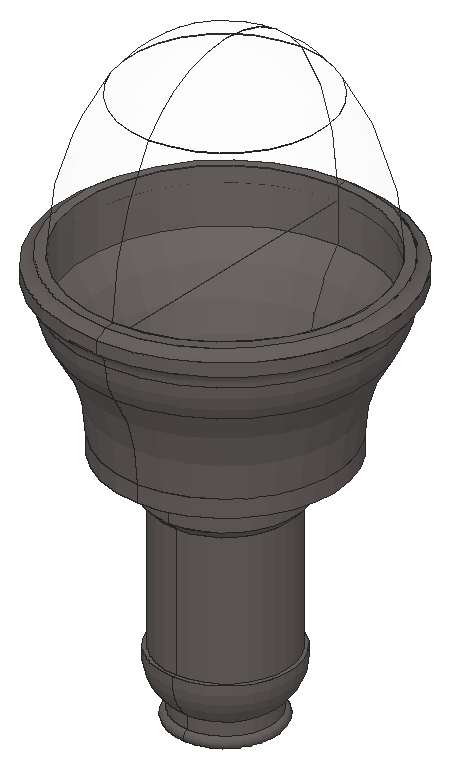
Revit family "PRMD", category Lighting Fixtures, host Face, Revit 2012
Parameters (values of type "PRMD - DBZ")
  Wattage Comments = "50-250W"  # constant formula
  Watt [instance] = 175 W
  Voltage [instance] = 120 V
  Is Volt [instance] = Voltage : 120V
  URL = "http://www.aal.net/"
  Photometric Web [instance] = Web PRMD : PRMD-H3-175MH-LDL
  Horizontal Lamp [instance] = not(Vertical Lamp)  # no
  Product Page URL = "http://www.aal.net/products/promenade8482_prmd/"
  Product Documentation Link = "http://cdn.aal.net/content/products/specs/specs_files/aal_prmd_spec.pdf"
  Model = "PRMD"  # constant formula
  Manufacturer Phone = "(626)-968-5666"  # constant formula
  Manufacturer Fax = "(626)-369-2695"  # constant formula
  Manufacturer = "Architectural Area Lighting"  # constant formula
  Load Classification = Lighting
  Lamp = "ED-17 & ED-18"  # constant formula
  Vertical Lamp [instance] = yes
  Glass = Hubbell-Glass-Frosted
  Finish = Hubbell-Aluminum-Dark Bronze
  Description = "PROMENADE – PRMD"  # constant formula
  Default Elevation = 48.000"
  Apparent Load = 0 VA
Types (14): name | Photometric Web | Horizontal Lamp | Vertical Lamp | Finish
  (no name) | Web PRMD : PRMD-H3-175MH-LDL | no | yes | Hubbell-Aluminum-Dark Bronze
  PRMD - AWT | Web PRMD : PRMD-H2-150HPS | no | yes | Hubbell-Aluminum-Artic White
  PRMD - BLK | Web PRMD : PRMD-H2-150HPS | no | yes | Hubbell-Aluminum-Black
  PRMD - MTB | Web PRMD : PRMD-H3-175MH-LDL | no | yes | Hubbell-Aluminum-Matte Black
  PRMD - DGN | Web PRMD : PRMD-H3-150HPS | no | yes | Hubbell-Aluminum-Dark Green
  PRMD - DBZ | Web PRMD : PRMD-H3-175MH-LDL | no | yes | Hubbell-Aluminum-Dark Bronze
  PRMD - WRZ | Web PRMD : PRMD-H3-175MH-LDL | no | yes | Hubbell-Aluminum-Weathered Bronze
  PRMD - BRM | Web PRMD : PRMD-H2-150HPS | no | yes | Hubbell-Aluminum-Metalic Bronze
  PRMD - VBL | Web PRMD : PRMD-H3-175MH-LDL | no | yes | Hubbell-Aluminum-Verde Blue
  PRMD - CRT | Web PRMD : PRMD-T3-48LED-3K-700-LDL | no | yes | Hubbell-Aluminum-Corten
  PRMD - MAL | Web PRMD : PRMD-H3-150HPS | yes | no | Hubbell-Aluminum-Matte
  PRMD - MDG | Web PRMD : PRMD-H3-150HPS | no | yes | Hubbell-Aluminum-Medium Grey
  PRMD - ATG | Web PRMD : PRMD-H2-150HPS | no | yes | Hubbell-Aluminum-Antique Green
  PRMD - LGY | Web PRMD : PRMD-H3-150HPS | no | yes | Hubbell-Aluminum-Light Grey
Reference planes (in)
  plane 1 "Center (Front/Back)": y = 0
  plane 2: z = 0
  plane 3 "Center (Left/Right)": x = 0
  plane 4: z = 36
  plane 5: y = 9.5
  plane 6: y = -9.5
  plane 7: z = 20
Forms (in)
  Revolve 1, solid, material "Hubbell-Glass-Frosted" <- "Glass", visible <- "Horizontal Lamp"
    sketch origin (0, 0, 0) x (0, 1, 0) y (0, 0, 1)
      loop
        line (9, 24.17273) -> (0, 24.17273) -> (0, 23.44451) -> (9, 23.44451) -> (9, 24.17273)
      axis (0, 24.17273) -> (0, 23.44451)
    angle from 0 to 360
  Revolve 2, solid, material "Hubbell-Glass-Frosted" <- "Glass", visible <- "Vertical Lamp"
    sketch origin (0, 0, 0) x (0, 1, 0) y (0, 0, 1)
      loop
        arc (8.31498, 24.60291) -> (7.59946, 29.05013) -> (5.6336, 33.10293) r 15.4756
        arc (5.6336, 33.10293) -> (3.16743, 35.23329) -> (0, 36) r 6.92604
        line (0, 36) -> (0, 23.76186) -> (8.31498, 23.76186) -> (8.31498, 24.60291)
      axis (0, 36) -> (0, 23.76186)
    angle from 0 to 360
  Revolve 3, solid, material "Hubbell-Aluminum-Dark Bronze" <- "Finish"
    sketch origin (0, 0, 0) x (0, 1, 0) y (0, 0, 1)
      loop
        arc (2.75, 0) -> (3.05696, 0.30696) -> (2.75, 0.61392) r 0.30696
        line (2.75, 0.61392) -> (2.75, 1.36392)
        arc (2.75, 1.36392) -> (3.63862, 2.4734) -> (3.86853, 3.87617) r 2.80229
        line (3.86853, 3.87617) -> (3.61853, 3.87617) -> (3.61853, 11.62617) -> (4.14886, 12.1565) -> (4.14886, 13.06375)
        arc (4.14886, 13.06375) -> (5.19713, 13.86685) -> (6.46301, 14.24287) r 3.63812
        line (6.46301, 14.24287) -> (6.46301, 15.24287)
        arc (6.46301, 15.24287) -> (6.89857, 17.99287) -> (8.1626, 20.47368) r 8.89919
        arc (8.1626, 20.47368) -> (8.66115, 21.4347) -> (8.85393, 22.50004) r 3.62796
        arc (8.85393, 22.50004) -> (9.03889, 23.05807) -> (9.5, 23.42273) r 1.02516
        line (9.5, 23.42273) -> (9.5, 24.17273)
        arc (9.5, 24.17273) -> (9.15708, 24.33678) -> (8.88564, 24.60291) r 1.15963
        line (8.88564, 24.60291) -> (8.31498, 24.60291) -> (8.31498, 21.46231)
        arc (8.31498, 21.46231) -> (6.57064, 18.56752) -> (5.96301, 15.24287) r 9.39919
        line (5.96301, 15.24287) -> (0, 15.24287) -> (0, 0) -> (2.75, 0)
      axis (0, 24.60291) -> (0, 0)
    angle from 0 to 360
Dimensions and locks (in)
  locked: plane 4 to plane 2 at 36
  equal spacing: plane 5, plane 1 "Center (Front/Back)", plane 6
  plane 5 to plane 6 = 19.000"
  plane 5 to plane 1 "Center (Front/Back)" = 9.500"
  locked: plane 7 to plane 2 at 20
  aligned and locked: plane 2 to host face
  aligned and locked: level to host face
  aligned and locked: plane 1 "Center (Front/Back)" to Revolve 1 sketch curve  (x2)
  aligned and locked: plane 1 "Center (Front/Back)" to nested 2
  aligned and locked: plane 3 "Center (Left/Right)" to nested 2
  aligned and locked: plane 1 "Center (Front/Back)" to Revolve 3 sketch curve
  aligned and locked: Revolve 1 sketch curve to Revolve 3
  aligned and locked: plane 1 "Center (Front/Back)" to Revolve 2 sketch curve
Automatic sketch dimensions
  host sketch curve to host sketch curve = 96.000"  (x2)
  Revolve 3 sketch curve to Revolve 3 sketch curve = 0.000"  (x4)
  Revolve 3 sketch curve to plane 1 "Center (Front/Back)" = 0.000"
  Revolve 3 sketch curve to level = 0.000"
  Revolve 3 sketch curve to plane 5 = 0.000"
  Revolve 3 sketch curve to plane 1 "Center (Front/Back)" = 1.0786"
  level to Revolve 3 sketch curve = 1.36392"
  Revolve 3 sketch curve to plane 1 "Center (Front/Back)" = 2.750"
  Revolve 3 sketch curve to plane 1 "Center (Front/Back)" = 3.61853"
  Revolve 3 sketch curve to Revolve 3 sketch curve = 0.250"
  Revolve 3 sketch curve to Revolve 3 sketch curve = 0.53033"  (x2)
  plane 5 to Revolve 3 sketch curve = 4.27248"
  Revolve 3 sketch curve to Revolve 3 sketch curve = 1.81415"
  Revolve 3 sketch curve to Revolve 3 sketch curve = 0.500"
  plane 5 to Revolve 3 sketch curve = 2.6512"
  plane 7 to Revolve 3 sketch curve = 1.46231"
  plane 5 to Revolve 3 sketch curve = 1.18502"
  Revolve 3 sketch curve to Revolve 3 sketch curve = 0.15237"
  plane 5 to Revolve 3 sketch curve = 0.64607"
  Revolve 3 sketch curve to Revolve 3 sketch curve = 0.57066"
  Revolve 3 sketch curve to plane 5 = 0.32222"
  Revolve 3 sketch curve to plane 5 = 0.37865"
  Revolve 3 sketch curve to Revolve 3 sketch curve = 12.250"
  level to Revolve 3 sketch curve = 0.30696"
  Revolve 3 sketch curve to Revolve 3 sketch curve = 2.24928"
  Revolve 3 sketch curve to Revolve 3 sketch curve = 4.61761"
  Revolve 3 sketch curve to Revolve 3 sketch curve = 1.00091"
  Revolve 3 sketch curve to Revolve 3 sketch curve = 0.90725"
  Revolve 3 sketch curve to Revolve 3 sketch curve = 1.03774"
  Revolve 3 sketch curve to Revolve 3 sketch curve = 0.750"
  Revolve 3 sketch curve to Revolve 3 sketch curve = 0.43018"
  plane 4 to Revolve 3 sketch curve = 11.750"
  plane 5 to Revolve 1 sketch curve = 0.500"
  level to Revolve 1 sketch curve = 3.250"
  Revolve 1 sketch curve to Revolve 1 sketch curve = 0.72822"
  plane 4 to Revolve 1 sketch curve = 5.250"
  Revolve 2 sketch curve to plane 1 "Center (Front/Back)" = 0.000"
  Revolve 2 sketch curve to plane 6 = 2.34078"
  plane 5 to Revolve 2 sketch curve = 3.8664"
  plane 5 to Revolve 2 sketch curve = 1.18502"
  Revolve 2 sketch curve to plane 7 = 3.000"
  plane 7 to Revolve 2 sketch curve = 3.76186"
  plane 7 to Revolve 2 sketch curve = 4.39443"
  Revolve 2 sketch curve to plane 4 = 0.000"
  Revolve 2 sketch curve to Revolve 2 sketch curve = 5.39707"
  Revolve 2 sketch curve to Revolve 2 sketch curve = 0.84105"
Nested families (in)
  nested 1: "Voltage" at (8.73564, -35.19298, 0), type "120V"
  nested 2: "Web PRMD" at (0.23896, -0.03999, 20), type <- "Photometric Web", type "PRMD-H3-175MH-LDL"
Connectors (in)
  electrical at (0, 0, 0), driven by "Voltage", driven by "Apparent Load"
    settings: on host face, index 1, voltage 120 V, apparent load 0 VA, apparent load phase1 0 VA, apparent load phase2 0 VA, apparent load phase3 0 VA, power factor 1, load classification "Lighting", number of poles 1, system type 30, power factor state 1, is connector primary yes, connector utility no, sub classification motor no, connector description "Electrical Connector"
Definition of nested family "Voltage"
  Parameters (values of type "277V")
    277V = yes
    240V = no
    208V = no
    120V = no
  Types (5): name | 277V | 240V | 208V | 120V
    (no name) | yes | no | no | no
    120V | no | no | no | yes
    208V | no | no | yes | no
    240V | no | yes | no | no
    277V | yes | no | no | no
  Reference planes (in)
    plane 1 "Center (Front/Back)": y = 0
    plane 2: z = 0
    plane 3 "Center (Left/Right)": x = 0
  Dimensions and locks (in)
    aligned and locked: plane 2 to level
Definition of nested family "Web PRMD"
  Parameters (values of type "PRMD-T4-48LED-5K-700-HSS-NL")
    Wattage Comments = ""
    Wattage = 208 W
    built-in parameter 1150110 = 1 (stored number, unit not read)
    URL = ""
    built-in parameter 1114217 = 1 (stored number, unit not read)
    Tilt Angle = -90.00°
    built-in parameter 1150109 = 1 (stored number, unit not read)
    built-in parameter 1150134 = (empty or 0)
    built-in parameter 1150113 = 1 (stored number, unit not read)
    Product Page URL = ""
    Product Documentation Link = ""
    Photometric Web File = "PRMD-T4-48LED-5K-700-HSS-NL.IES"
    Model = ""
    Manufacturer Phone = "(864)-678-1000"
    Manufacturer Fax = "(866)-898-1065"
    Manufacturer = "Hubbell Outdoor Lighting"
    built-in parameter 1150105 = 937.58 (stored number, unit not read)
    Lumens = 16900 lm
    built-in parameter 1150115 = 1 (stored number, unit not read)
    built-in parameter 1150137 = (empty or 0)
    built-in parameter 1150139 = (empty or 0)
    built-in parameter 1150112 = 1 (stored number, unit not read)
    built-in parameter 1150114 = 1 (stored number, unit not read)
    Lamp = ""
    built-in parameter 1150132 = 1
    built-in parameter 1150102 = (empty or 0)
    built-in parameter 1150107 = 5100 (stored number, unit not read)
    built-in parameter 1150138 = (empty or 0)
    built-in parameter 1150106 = 9.3758 (stored number, unit not read)
    Emit from Circle Diameter = 14.000"  # constant formula
    Emit Shape Visible in Rendering = no
    built-in parameter 1150104 = 7.5484 (stored number, unit not read)
    Dimming Lamp Color Temperature Shift = (empty or 0)
    Description = ""
    Default Elevation = 48.000"
    Color Filter = 16777215
    built-in parameter 1114218 = 1 (stored number, unit not read)
    built-in parameter 1150133 = 10 (stored number, unit not read)
  Types (128): name | Wattage | built-in parameter 1150134 | Photometric Web File | built-in parameter 1150105 | Lumens | built-in parameter 1150107 | built-in parameter 1150106
    PRMD-H2-150HPS | 208 W | (empty or 0) | "PRMD-H2-150HPS.IES" | 937.58 (stored number, unit not read) | 16900 lm | 5100 (stored number, unit not read) | 9.3758 (stored number, unit not read)
    PRMD-H3-150HPS | 208 W | (empty or 0) | "PRMD-H3-150HPS.IES" | 937.58 (stored number, unit not read) | 16900 lm | 5100 (stored number, unit not read) | 9.3758 (stored number, unit not read)
    PRMD-H3-175MH-LDL | 208 W | (empty or 0) | "PRMD-H3-175MH-LDL.IES" | 937.58 (stored number, unit not read) | 16900 lm | 5100 (stored number, unit not read) | 9.3758 (stored number, unit not read)
    PRMD-H4-150HPS | 208 W | (empty or 0) | "PRMD-H4-150HPS.IES" | 937.58 (stored number, unit not read) | 16900 lm | 5100 (stored number, unit not read) | 9.3758 (stored number, unit not read)
    PRMD-H5-150HPS | 208 W | (empty or 0) | "PRMD-H5-150HPS.IES" | 937.58 (stored number, unit not read) | 16900 lm | 5100 (stored number, unit not read) | 9.3758 (stored number, unit not read)
    PRMD-T2-48LED-3K-450 | 208 W | (empty or 0) | "PRMD-T2-48LED-3K-450.IES" | 937.58 (stored number, unit not read) | 16900 lm | 3000 (stored number, unit not read) | 9.3758 (stored number, unit not read)
    PRMD-T2-48LED-3K-450-FTG | 208 W | (empty or 0) | "PRMD-T2-48LED-3K-450-FTG.IES" | 937.58 (stored number, unit not read) | 16900 lm | 3000 (stored number, unit not read) | 9.3758 (stored number, unit not read)
    PRMD-T2-48LED-3K-450-LDL | 208 W | (empty or 0) | "PRMD-T2-48LED-3K-450-LDL.IES" | 937.58 (stored number, unit not read) | 16900 lm | 3000 (stored number, unit not read) | 9.3758 (stored number, unit not read)
    PRMD-T2-48LED-3K-450-NL | 208 W | (empty or 0) | "PRMD-T2-48LED-3K-450-NL.IES" | 937.58 (stored number, unit not read) | 16900 lm | 3000 (stored number, unit not read) | 9.3758 (stored number, unit not read)
    PRMD-T2-48LED-3K-700 | 208 W | (empty or 0) | "PRMD-T2-48LED-3K-700.IES" | 937.58 (stored number, unit not read) | 16900 lm | 3000 (stored number, unit not read) | 9.3758 (stored number, unit not read)
    PRMD-T2-48LED-3K-700-FTG | 208 W | (empty or 0) | "PRMD-T2-48LED-3K-700-FTG.IES" | 937.58 (stored number, unit not read) | 16900 lm | 3000 (stored number, unit not read) | 9.3758 (stored number, unit not read)
    PRMD-T2-48LED-3K-700-LDL | 208 W | (empty or 0) | "PRMD-T2-48LED-3K-700-LDL.IES" | 937.58 (stored number, unit not read) | 16900 lm | 3000 (stored number, unit not read) | 9.3758 (stored number, unit not read)
    PRMD-T2-48LED-3K-700-NL | 208 W | (empty or 0) | "PRMD-T2-48LED-3K-700-NL.IES" | 937.58 (stored number, unit not read) | 16900 lm | 3000 (stored number, unit not read) | 9.3758 (stored number, unit not read)
    PRMD-T2-48LED-4K-450 | 208 W | 12 | "PRMD-T2-48LED-4K-450.IES" | 937.58 (stored number, unit not read) | 16900 lm | 4000 (stored number, unit not read) | 9.3758 (stored number, unit not read)
    PRMD-T2-48LED-4K-450-FTG | 208 W | 12 | "PRMD-T2-48LED-4K-450-FTG.IES" | 937.58 (stored number, unit not read) | 16900 lm | 4000 (stored number, unit not read) | 9.3758 (stored number, unit not read)
    PRMD-T2-48LED-4K-450-LDL | 208 W | 12 | "PRMD-T2-48LED-4K-450-LDL.IES" | 937.58 (stored number, unit not read) | 16900 lm | 4000 (stored number, unit not read) | 9.3758 (stored number, unit not read)
    PRMD-T2-48LED-4K-450-NL | 208 W | 12 | "PRMD-T2-48LED-4K-450-NL.IES" | 937.58 (stored number, unit not read) | 16900 lm | 4000 (stored number, unit not read) | 9.3758 (stored number, unit not read)
    PRMD-T2-48LED-4K-700 | 208 W | 12 | "PRMD-T2-48LED-4K-700.IES" | 937.58 (stored number, unit not read) | 16900 lm | 4000 (stored number, unit not read) | 9.3758 (stored number, unit not read)
    PRMD-T2-48LED-4K-700-FTG | 208 W | 12 | "PRMD-T2-48LED-4K-700-FTG.IES" | 937.58 (stored number, unit not read) | 16900 lm | 4000 (stored number, unit not read) | 9.3758 (stored number, unit not read)
    PRMD-T2-48LED-4K-700-LDL | 208 W | 12 | "PRMD-T2-48LED-4K-700-LDL.IES" | 937.58 (stored number, unit not read) | 16900 lm | 4000 (stored number, unit not read) | 9.3758 (stored number, unit not read)
    PRMD-T2-48LED-4K-700-NL | 208 W | 12 | "PRMD-T2-48LED-4K-700-NL.IES" | 937.58 (stored number, unit not read) | 16900 lm | 4000 (stored number, unit not read) | 9.3758 (stored number, unit not read)
    PRMD-T2-48LED-5K-450 | 208 W | 2 | "PRMD-T2-48LED-5K-450.IES" | 937.58 (stored number, unit not read) | 16900 lm | 5000 (stored number, unit not read) | 9.3758 (stored number, unit not read)
    PRMD-T2-48LED-5K-450-FTG | 208 W | 2 | "PRMD-T2-48LED-5K-450-FTG.IES" | 937.58 (stored number, unit not read) | 16900 lm | 5000 (stored number, unit not read) | 9.3758 (stored number, unit not read)
    PRMD-T2-48LED-5K-450-LDL | 208 W | 2 | "PRMD-T2-48LED-5K-450-LDL.IES" | 937.58 (stored number, unit not read) | 16900 lm | 5000 (stored number, unit not read) | 9.3758 (stored number, unit not read)
    PRMD-T2-48LED-5K-450-NL | 208 W | 2 | "PRMD-T2-48LED-5K-450-NL.IES" | 937.58 (stored number, unit not read) | 16900 lm | 5000 (stored number, unit not read) | 9.3758 (stored number, unit not read)
    PRMD-T2-48LED-5K-700 | 208 W | 2 | "PRMD-T2-48LED-5K-700.IES" | 937.58 (stored number, unit not read) | 16900 lm | 5000 (stored number, unit not read) | 9.3758 (stored number, unit not read)
    PRMD-T2-48LED-5K-700-FTG | 208 W | 2 | "PRMD-T2-48LED-5K-700-FTG.IES" | 937.58 (stored number, unit not read) | 16900 lm | 5000 (stored number, unit not read) | 9.3758 (stored number, unit not read)
    PRMD-T2-48LED-5K-700-LDL | 208 W | 2 | "PRMD-T2-48LED-5K-700-LDL.IES" | 937.58 (stored number, unit not read) | 16900 lm | 5000 (stored number, unit not read) | 9.3758 (stored number, unit not read)
    PRMD-T2-48LED-5K-700-NL | 208 W | 2 | "PRMD-T2-48LED-5K-700-NL.IES" | 937.58 (stored number, unit not read) | 16900 lm | 5000 (stored number, unit not read) | 9.3758 (stored number, unit not read)
    PRMD-T3-48LED-3K-450 | 208 W | (empty or 0) | "PRMD-T3-48LED-3K-450.IES" | 937.58 (stored number, unit not read) | 16900 lm | 3000 (stored number, unit not read) | 9.3758 (stored number, unit not read)
    PRMD-T3-48LED-3K-450-FTG | 208 W | (empty or 0) | "PRMD-T3-48LED-3K-450-FTG.IES" | 937.58 (stored number, unit not read) | 16900 lm | 3000 (stored number, unit not read) | 9.3758 (stored number, unit not read)
    PRMD-T3-48LED-3K-450-LDL | 208 W | (empty or 0) | "PRMD-T3-48LED-3K-450-LDL.IES" | 937.58 (stored number, unit not read) | 16900 lm | 3000 (stored number, unit not read) | 9.3758 (stored number, unit not read)
    PRMD-T3-48LED-3K-450-NL | 208 W | (empty or 0) | "PRMD-T3-48LED-3K-450-NL.IES" | 937.58 (stored number, unit not read) | 16900 lm | 3000 (stored number, unit not read) | 9.3758 (stored number, unit not read)
    PRMD-T3-48LED-3K-700 | 208 W | (empty or 0) | "PRMD-T3-48LED-3K-700.IES" | 937.58 (stored number, unit not read) | 16900 lm | 3000 (stored number, unit not read) | 9.3758 (stored number, unit not read)
    PRMD-T3-48LED-3K-700-FTG | 208 W | (empty or 0) | "PRMD-T3-48LED-3K-700-FTG.IES" | 937.58 (stored number, unit not read) | 16900 lm | 3000 (stored number, unit not read) | 9.3758 (stored number, unit not read)
    PRMD-T3-48LED-3K-700-LDL | 208 W | (empty or 0) | "PRMD-T3-48LED-3K-700-LDL.IES" | 937.58 (stored number, unit not read) | 16900 lm | 3000 (stored number, unit not read) | 9.3758 (stored number, unit not read)
    PRMD-T3-48LED-3K-700-NL | 208 W | (empty or 0) | "PRMD-T3-48LED-3K-700-NL.IES" | 937.58 (stored number, unit not read) | 16900 lm | 3000 (stored number, unit not read) | 9.3758 (stored number, unit not read)
    PRMD-T3-48LED-4K-450 | 208 W | 12 | "PRMD-T3-48LED-4K-450.IES" | 937.58 (stored number, unit not read) | 16900 lm | 4000 (stored number, unit not read) | 9.3758 (stored number, unit not read)
    PRMD-T3-48LED-4K-450-FTG | 208 W | 12 | "PRMD-T2-48LED-4K-450-FTG.IES" | 937.58 (stored number, unit not read) | 16900 lm | 4000 (stored number, unit not read) | 9.3758 (stored number, unit not read)
    PRMD-T3-48LED-4K-450-LDL | 208 W | 12 | "PRMD-T3-48LED-4K-450-LDL.IES" | 937.58 (stored number, unit not read) | 16900 lm | 4000 (stored number, unit not read) | 9.3758 (stored number, unit not read)
    PRMD-T3-48LED-4K-450-NL | 208 W | 12 | "PRMD-T3-48LED-4K-450-NL.IES" | 937.58 (stored number, unit not read) | 16900 lm | 4000 (stored number, unit not read) | 9.3758 (stored number, unit not read)
    PRMD-T3-48LED-4K-700 | 208 W | 12 | "PRMD-T3-48LED-4K-700.IES" | 937.58 (stored number, unit not read) | 16900 lm | 4000 (stored number, unit not read) | 9.3758 (stored number, unit not read)
    PRMD-T3-48LED-4K-700-FTG | 208 W | 12 | "PRMD-T3-48LED-4K-700-FTG.IES" | 937.58 (stored number, unit not read) | 16900 lm | 4000 (stored number, unit not read) | 9.3758 (stored number, unit not read)
    PRMD-T3-48LED-4K-700-LDL | 208 W | 12 | "PRMD-T3-48LED-4K-700-LDL.IES" | 937.58 (stored number, unit not read) | 16900 lm | 4000 (stored number, unit not read) | 9.3758 (stored number, unit not read)
    PRMD-T3-48LED-4K-700-NL | 208 W | 12 | "PRMD-T3-48LED-4K-700-NL.IES" | 937.58 (stored number, unit not read) | 16900 lm | 4000 (stored number, unit not read) | 9.3758 (stored number, unit not read)
    PRMD-T3-48LED-5K-450 | 208 W | 2 | "PRMD-T3-48LED-5K-450.IES" | 937.58 (stored number, unit not read) | 16900 lm | 5000 (stored number, unit not read) | 9.3758 (stored number, unit not read)
    PRMD-T3-48LED-5K-450-FTG | 208 W | 2 | "PRMD-T3-48LED-5K-450-FTG.IES" | 937.58 (stored number, unit not read) | 16900 lm | 5000 (stored number, unit not read) | 9.3758 (stored number, unit not read)
    PRMD-T3-48LED-5K-450-LDL | 208 W | 2 | "PRMD-T3-48LED-5K-450-LDL.IES" | 937.58 (stored number, unit not read) | 16900 lm | 5000 (stored number, unit not read) | 9.3758 (stored number, unit not read)
    PRMD-T3-48LED-5K-450-NL | 208 W | 2 | "PRMD-T3-48LED-5K-450-NL.IES" | 937.58 (stored number, unit not read) | 16900 lm | 5000 (stored number, unit not read) | 9.3758 (stored number, unit not read)
    PRMD-T3-48LED-5K-700 | 208 W | 2 | "PRMD-T3-48LED-5K-700.IES" | 937.58 (stored number, unit not read) | 16900 lm | 5000 (stored number, unit not read) | 9.3758 (stored number, unit not read)
    PRMD-T3-48LED-5K-700-FTG | 208 W | 2 | "PRMD-T3-48LED-5K-700-FTG.IES" | 937.58 (stored number, unit not read) | 16900 lm | 5000 (stored number, unit not read) | 9.3758 (stored number, unit not read)
    PRMD-T3-48LED-5K-700-LDL | 208 W | 2 | "PRMD-T3-48LED-5K-700-LDL.IES" | 937.58 (stored number, unit not read) | 16900 lm | 5000 (stored number, unit not read) | 9.3758 (stored number, unit not read)
    PRMD-T3-48LED-5K-700-NL | 208 W | 2 | "PRMD-T3-48LED-5K-700-NL.IES" | 937.58 (stored number, unit not read) | 16900 lm | 5000 (stored number, unit not read) | 9.3758 (stored number, unit not read)
    PRMD-T4-48LED-3K-450 | 208 W | (empty or 0) | "PRMD-T4-48LED-3K-450.IES" | 937.58 (stored number, unit not read) | 16900 lm | 3000 (stored number, unit not read) | 9.3758 (stored number, unit not read)
    PRMD-T4-48LED-3K-450-FTG | 208 W | (empty or 0) | "PRMD-T4-48LED-3K-450-FTG.IES" | 937.58 (stored number, unit not read) | 16900 lm | 3000 (stored number, unit not read) | 9.3758 (stored number, unit not read)
    PRMD-T4-48LED-3K-450-HSS | 208 W | (empty or 0) | "PRMD-T4-48LED-3K-450-HSS.IES" | 937.58 (stored number, unit not read) | 16900 lm | 3000 (stored number, unit not read) | 9.3758 (stored number, unit not read)
    PRMD-T4-48LED-3K-450-HSS-FTG | 208 W | (empty or 0) | "PRMD-T4-48LED-3K-450-HSS-FTG.IES" | 937.58 (stored number, unit not read) | 16900 lm | 3000 (stored number, unit not read) | 9.3758 (stored number, unit not read)
    PRMD-T4-48LED-3K-450-HSS-LDL | 208 W | (empty or 0) | "PRMD-T4-48LED-3K-450-HSS-LDL.IES" | 937.58 (stored number, unit not read) | 16900 lm | 3000 (stored number, unit not read) | 9.3758 (stored number, unit not read)
    PRMD-T4-48LED-3K-450-HSS-NL | 208 W | (empty or 0) | "PRMD-T4-48LED-3K-450-HSS-NL.IES" | 937.58 (stored number, unit not read) | 16900 lm | 3000 (stored number, unit not read) | 9.3758 (stored number, unit not read)
    PRMD-T4-48LED-3K-450-LDL | 208 W | (empty or 0) | "PRMD-T4-48LED-3K-450-LDL.IES" | 937.58 (stored number, unit not read) | 16900 lm | 3000 (stored number, unit not read) | 9.3758 (stored number, unit not read)
    PRMD-T4-48LED-3K-450-NL | 208 W | (empty or 0) | "PRMD-T4-48LED-3K-450-NL.IES" | 937.58 (stored number, unit not read) | 16900 lm | 3000 (stored number, unit not read) | 9.3758 (stored number, unit not read)
    PRMD-T4-48LED-3K-700 | 208 W | (empty or 0) | "PRMD-T4-48LED-3K-700.IES" | 937.58 (stored number, unit not read) | 16900 lm | 3000 (stored number, unit not read) | 9.3758 (stored number, unit not read)
    PRMD-T4-48LED-3K-700-FTG | 208 W | (empty or 0) | "PRMD-T4-48LED-3K-700-FTG.IES" | 937.58 (stored number, unit not read) | 16900 lm | 3000 (stored number, unit not read) | 9.3758 (stored number, unit not read)
    PRMD-T4-48LED-3K-700-HSS | 208 W | (empty or 0) | "PRMD-T4-48LED-3K-700-HSS.IES" | 937.58 (stored number, unit not read) | 16900 lm | 3000 (stored number, unit not read) | 9.3758 (stored number, unit not read)
    PRMD-T4-48LED-3K-700-HSS-FTG | 208 W | (empty or 0) | "PRMD-T4-48LED-3K-700-HSS-FTG.IES" | 937.58 (stored number, unit not read) | 16900 lm | 3000 (stored number, unit not read) | 9.3758 (stored number, unit not read)
    PRMD-T4-48LED-3K-700-HSS-LDL | 208 W | (empty or 0) | "PRMD-T4-48LED-3K-700-HSS.IES" | 937.58 (stored number, unit not read) | 16900 lm | 3000 (stored number, unit not read) | 9.3758 (stored number, unit not read)
    PRMD-T4-48LED-3K-700-HSS-NL | 208 W | (empty or 0) | "PRMD-T4-48LED-3K-700-HSS-NL.IES" | 937.58 (stored number, unit not read) | 16900 lm | 3000 (stored number, unit not read) | 9.3758 (stored number, unit not read)
    PRMD-T4-48LED-3K-700-LDL | 208 W | (empty or 0) | "PRMD-T4-48LED-3K-700-LDL.IES" | 937.58 (stored number, unit not read) | 16900 lm | 3000 (stored number, unit not read) | 9.3758 (stored number, unit not read)
    PRMD-T4-48LED-3K-700-NL | 208 W | (empty or 0) | "PRMD-T4-48LED-3K-700-NL.IES" | 937.58 (stored number, unit not read) | 16900 lm | 3000 (stored number, unit not read) | 9.3758 (stored number, unit not read)
    PRMD-T4-48LED-4K-450 | 208 W | 12 | "PRMD-T4-48LED-4K-450.IES" | 937.58 (stored number, unit not read) | 16900 lm | 4000 (stored number, unit not read) | 9.3758 (stored number, unit not read)
    PRMD-T4-48LED-4K-450-FTG | 208 W | 12 | "PRMD-T4-48LED-4K-450-FTG.IES" | 937.58 (stored number, unit not read) | 16900 lm | 4000 (stored number, unit not read) | 9.3758 (stored number, unit not read)
    PRMD-T4-48LED-4K-450-HSS | 208 W | 12 | "PRMD-T4-48LED-4K-450-HSS.IES" | 937.58 (stored number, unit not read) | 16900 lm | 4000 (stored number, unit not read) | 9.3758 (stored number, unit not read)
    PRMD-T4-48LED-4K-450-HSS-FTG | 208 W | 12 | "PRMD-T4-48LED-4K-450-HSS-FTG.IES" | 937.58 (stored number, unit not read) | 16900 lm | 4000 (stored number, unit not read) | 9.3758 (stored number, unit not read)
    PRMD-T4-48LED-4K-450-HSS-LDL | 208 W | 12 | "PRMD-T4-48LED-4K-450-HSS-LDL.IES" | 937.58 (stored number, unit not read) | 16900 lm | 4000 (stored number, unit not read) | 9.3758 (stored number, unit not read)
    PRMD-T4-48LED-4K-450-HSS-NL | 208 W | 12 | "PRMD-T4-48LED-4K-450-HSS-NL.IES" | 937.58 (stored number, unit not read) | 16900 lm | 4000 (stored number, unit not read) | 9.3758 (stored number, unit not read)
    PRMD-T4-48LED-4K-450-LDL | 208 W | 12 | "PRMD-T4-48LED-4K-450-LDL.IES" | 937.58 (stored number, unit not read) | 16900 lm | 4000 (stored number, unit not read) | 9.3758 (stored number, unit not read)
    PRMD-T4-48LED-4K-450-NL | 208 W | 12 | "PRMD-T4-48LED-4K-450-NL.IES" | 937.58 (stored number, unit not read) | 16900 lm | 4000 (stored number, unit not read) | 9.3758 (stored number, unit not read)
    PRMD-T4-48LED-4K-700 | 208 W | 12 | "PRMD-T4-48LED-4K-700.IES" | 937.58 (stored number, unit not read) | 16900 lm | 4000 (stored number, unit not read) | 9.3758 (stored number, unit not read)
    PRMD-T4-48LED-4K-700-FTG | 208 W | 12 | "PRMD-T4-48LED-4K-700-FTG.IES" | 937.58 (stored number, unit not read) | 16900 lm | 4000 (stored number, unit not read) | 9.3758 (stored number, unit not read)
    PRMD-T4-48LED-4K-700-HSS | 208 W | 12 | "PRMD-T4-48LED-4K-450-HSS.IES" | 937.58 (stored number, unit not read) | 16900 lm | 4000 (stored number, unit not read) | 9.3758 (stored number, unit not read)
    PRMD-T4-48LED-4K-700-HSS-FTG | 208 W | 12 | "PRMD-T4-48LED-4K-700-HSS-FTG.IES" | 937.58 (stored number, unit not read) | 16900 lm | 4000 (stored number, unit not read) | 9.3758 (stored number, unit not read)
    PRMD-T4-48LED-4K-700-HSS-LDL | 208 W | 12 | "PRMD-T4-48LED-4K-700-HSS-LDL.IES" | 937.58 (stored number, unit not read) | 16900 lm | 4000 (stored number, unit not read) | 9.3758 (stored number, unit not read)
    PRMD-T4-48LED-4K-700-HSS-NL | 208 W | 12 | "PRMD-T4-48LED-4K-700-HSS-NL.IES" | 937.58 (stored number, unit not read) | 16900 lm | 4000 (stored number, unit not read) | 9.3758 (stored number, unit not read)
    PRMD-T4-48LED-4K-700-LDL | 208 W | 12 | "PRMD-T4-48LED-4K-700-LDL.IES" | 937.58 (stored number, unit not read) | 16900 lm | 4000 (stored number, unit not read) | 9.3758 (stored number, unit not read)
    PRMD-T4-48LED-4K-700-NL | 208 W | 12 | "PRMD-T4-48LED-4K-700-NL.IES" | 937.58 (stored number, unit not read) | 16900 lm | 4000 (stored number, unit not read) | 9.3758 (stored number, unit not read)
    PRMD-T4-48LED-5K-450 | 208 W | (empty or 0) | "PRMD-T4-48LED-5K-450.IES" | 937.58 (stored number, unit not read) | 16900 lm | 5100 (stored number, unit not read) | 9.3758 (stored number, unit not read)
    PRMD-T4-48LED-5K-450-FTG | 208 W | (empty or 0) | "PRMD-T4-48LED-5K-450-FTG.IES" | 937.58 (stored number, unit not read) | 16900 lm | 5100 (stored number, unit not read) | 9.3758 (stored number, unit not read)
    PRMD-T4-48LED-5K-450-HSS | 208 W | (empty or 0) | "PRMD-T4-48LED-5K-450-HSS.IES" | 937.58 (stored number, unit not read) | 16900 lm | 5100 (stored number, unit not read) | 9.3758 (stored number, unit not read)
    PRMD-T4-48LED-5K-450-HSS-FTG | 208 W | (empty or 0) | "PRMD-T4-48LED-5K-450-HSS-FTG.IES" | 937.58 (stored number, unit not read) | 16900 lm | 5100 (stored number, unit not read) | 9.3758 (stored number, unit not read)
    PRMD-T4-48LED-5K-450-HSS-LDL | 208 W | (empty or 0) | "PRMD-T4-48LED-5K-450-HSS-LDL.IES" | 937.58 (stored number, unit not read) | 16900 lm | 5100 (stored number, unit not read) | 9.3758 (stored number, unit not read)
    PRMD-T4-48LED-5K-450-HSS-NL | 208 W | (empty or 0) | "PRMD-T4-48LED-5K-450-HSS-NL.IES" | 937.58 (stored number, unit not read) | 16900 lm | 5100 (stored number, unit not read) | 9.3758 (stored number, unit not read)
    PRMD-T4-48LED-5K-450-LDL | 208 W | (empty or 0) | "PRMD-T4-48LED-5K-450-LDL.IES" | 937.58 (stored number, unit not read) | 16900 lm | 5100 (stored number, unit not read) | 9.3758 (stored number, unit not read)
    PRMD-T4-48LED-5K-450-NL | 208 W | (empty or 0) | "PRMD-T4-48LED-5K-450-NL.IES" | 937.58 (stored number, unit not read) | 16900 lm | 5100 (stored number, unit not read) | 9.3758 (stored number, unit not read)
    PRMD-T4-48LED-5K-700 | 208 W | (empty or 0) | "PRMD-T4-48LED-5K-700.IES" | 937.58 (stored number, unit not read) | 16900 lm | 5100 (stored number, unit not read) | 9.3758 (stored number, unit not read)
    PRMD-T4-48LED-5K-700-FTG | 208 W | (empty or 0) | "PRMD-T4-48LED-5K-700-FTG.IES" | 937.58 (stored number, unit not read) | 16900 lm | 5100 (stored number, unit not read) | 9.3758 (stored number, unit not read)
    PRMD-T4-48LED-5K-700-HSS | 208 W | (empty or 0) | "PRMD-T4-48LED-5K-700-HSS.IES" | 937.58 (stored number, unit not read) | 16900 lm | 5100 (stored number, unit not read) | 9.3758 (stored number, unit not read)
    PRMD-T4-48LED-5K-700-HSS-FTG | 208 W | (empty or 0) | "PRMD-T4-48LED-5K-700-HSS-FTG.IES" | 937.58 (stored number, unit not read) | 16900 lm | 5100 (stored number, unit not read) | 9.3758 (stored number, unit not read)
    PRMD-T4-48LED-5K-700-HSS-LDL | 208 W | (empty or 0) | "PRMD-T4-48LED-5K-700-HSS-LDL.IES" | 937.58 (stored number, unit not read) | 16900 lm | 5100 (stored number, unit not read) | 9.3758 (stored number, unit not read)
    PRMD-T4-48LED-5K-700-HSS-NL | 208 W | (empty or 0) | "PRMD-T4-48LED-5K-700-HSS-NL.IES" | 937.58 (stored number, unit not read) | 16900 lm | 5100 (stored number, unit not read) | 9.3758 (stored number, unit not read)
    PRMD-T4-48LED-5K-700-LDL | 208 W | (empty or 0) | "PRMD-T4-48LED-5K-700-LDL.IES" | 937.58 (stored number, unit not read) | 16900 lm | 5100 (stored number, unit not read) | 9.3758 (stored number, unit not read)
    PRMD-T4-48LED-5K-700-NL | 208 W | (empty or 0) | "PRMD-T4-48LED-5K-700-NL.IES" | 937.58 (stored number, unit not read) | 16900 lm | 5100 (stored number, unit not read) | 9.3758 (stored number, unit not read)
    PRMD-T5-48LED-3K-450 | 208 W | (empty or 0) | "PRMD-T5-48LED-3K-450.IES" | 937.58 (stored number, unit not read) | 16900 lm | 3000 (stored number, unit not read) | 9.3758 (stored number, unit not read)
    PRMD-T5-48LED-3K-450-FTG | 208 W | (empty or 0) | "PRMD-T5-48LED-3K-450-FTG.IES" | 937.58 (stored number, unit not read) | 16900 lm | 3000 (stored number, unit not read) | 9.3758 (stored number, unit not read)
    PRMD-T5-48LED-3K-450-LDL | 208 W | (empty or 0) | "PRMD-T5-48LED-3K-450-LDL.IES" | 937.58 (stored number, unit not read) | 16900 lm | 3000 (stored number, unit not read) | 9.3758 (stored number, unit not read)
    PRMD-T5-48LED-3K-450-NL | 208 W | (empty or 0) | "PRMD-T5-48LED-3K-450-NL.IES" | 937.58 (stored number, unit not read) | 16900 lm | 3000 (stored number, unit not read) | 9.3758 (stored number, unit not read)
    PRMD-T5-48LED-3K-700 | 208 W | (empty or 0) | "PRMD-T5-48LED-3K-700.IES" | 937.58 (stored number, unit not read) | 16900 lm | 3000 (stored number, unit not read) | 9.3758 (stored number, unit not read)
    PRMD-T5-48LED-3K-700-FTG | 208 W | (empty or 0) | "PRMD-T5-48LED-3K-700-FTG.IES" | 937.58 (stored number, unit not read) | 16900 lm | 3000 (stored number, unit not read) | 9.3758 (stored number, unit not read)
    PRMD-T5-48LED-3K-700-LDL | 208 W | (empty or 0) | "PRMD-T5-48LED-3K-700-LDL.IES" | 937.58 (stored number, unit not read) | 16900 lm | 3000 (stored number, unit not read) | 9.3758 (stored number, unit not read)
    PRMD-T5-48LED-3K-700-NL | 208 W | (empty or 0) | "PRMD-T5-48LED-3K-700-NL.IES" | 937.58 (stored number, unit not read) | 16900 lm | 3000 (stored number, unit not read) | 9.3758 (stored number, unit not read)
    PRMD-T5-48LED-4K-450 | 208 W | 12 | "PRMD-T5-48LED-4K-450.IES" | 937.58 (stored number, unit not read) | 16900 lm | 4000 (stored number, unit not read) | 9.3758 (stored number, unit not read)
    PRMD-T5-48LED-4K-450-FTG | 208 W | 12 | "PRMD-T5-48LED-4K-450-FTG.IES" | 937.58 (stored number, unit not read) | 16900 lm | 4000 (stored number, unit not read) | 9.3758 (stored number, unit not read)
    PRMD-T5-48LED-4K-450-LDL | 208 W | 12 | "PRMD-T5-48LED-4K-450-LDL.IES" | 937.58 (stored number, unit not read) | 16900 lm | 4000 (stored number, unit not read) | 9.3758 (stored number, unit not read)
    PRMD-T5-48LED-4K-450-NL | 208 W | 12 | "PRMD-T5-48LED-4K-700.IES" | 937.58 (stored number, unit not read) | 16900 lm | 4000 (stored number, unit not read) | 9.3758 (stored number, unit not read)
    PRMD-T5-48LED-4K-700 | 208 W | 12 | "PRMD-T5-48LED-4K-700.IES" | 937.58 (stored number, unit not read) | 16900 lm | 4000 (stored number, unit not read) | 9.3758 (stored number, unit not read)
    PRMD-T5-48LED-4K-700-FTG | 208 W | 12 | "PRMD-T5-48LED-4K-700-FTG.IES" | 937.58 (stored number, unit not read) | 16900 lm | 4000 (stored number, unit not read) | 9.3758 (stored number, unit not read)
    PRMD-T5-48LED-4K-700-LDL | 208 W | 12 | "PRMD-T5-48LED-4K-700-LDL.IES" | 937.58 (stored number, unit not read) | 16900 lm | 4000 (stored number, unit not read) | 9.3758 (stored number, unit not read)
    PRMD-T5-48LED-4K-700-NL | 208 W | 12 | "PRMD-T5-48LED-4K-700-NL.IES" | 937.58 (stored number, unit not read) | 16900 lm | 4000 (stored number, unit not read) | 9.3758 (stored number, unit not read)
    PRMD-T5-48LED-5K-450 | 208 W | (empty or 0) | "PRMD-T5-48LED-5K-450.IES" | 937.58 (stored number, unit not read) | 16900 lm | 5100 (stored number, unit not read) | 9.3758 (stored number, unit not read)
    PRMD-T5-48LED-5K-450-FTG | 208 W | (empty or 0) | "PRMD-T5-48LED-5K-450-FTG.IES" | 937.58 (stored number, unit not read) | 16900 lm | 5100 (stored number, unit not read) | 9.3758 (stored number, unit not read)
    PRMD-T5-48LED-5K-450-LDL | 208 W | (empty or 0) | "PRMD-T5-48LED-5K-450-LDL.IES" | 937.58 (stored number, unit not read) | 16900 lm | 5100 (stored number, unit not read) | 9.3758 (stored number, unit not read)
    PRMD-T5-48LED-5K-450-NL | 208 W | (empty or 0) | "PRMD-T5-48LED-5K-450-NL.IES" | 937.58 (stored number, unit not read) | 16900 lm | 5100 (stored number, unit not read) | 9.3758 (stored number, unit not read)
    PRMD-T5-48LED-5K-700 | 208 W | (empty or 0) | "PRMD-T5-48LED-5K-700.IES" | 937.58 (stored number, unit not read) | 16900 lm | 5100 (stored number, unit not read) | 9.3758 (stored number, unit not read)
    PRMD-T5-48LED-5K-700-FTG | 208 W | (empty or 0) | "PRMD-T5-48LED-5K-700-FTG.IES" | 937.58 (stored number, unit not read) | 16900 lm | 5100 (stored number, unit not read) | 9.3758 (stored number, unit not read)
    PRMD-T5-48LED-5K-700-LDL | 208 W | (empty or 0) | "PRMD-T5-48LED-5K-700-LDL.IES" | 937.58 (stored number, unit not read) | 16900 lm | 5100 (stored number, unit not read) | 9.3758 (stored number, unit not read)
    PRMD-T5-48LED-5K-700-NL | 208 W | (empty or 0) | "PRMD-T5-48LED-5K-700-NL.IES" | 937.58 (stored number, unit not read) | 16900 lm | 5100 (stored number, unit not read) | 9.3758 (stored number, unit not read)
    PRMD-V3-250HPS | 208 W | (empty or 0) | "PRMD-V3-250HPS.IES" | 937.58 (stored number, unit not read) | 16900 lm | 5100 (stored number, unit not read) | 9.3758 (stored number, unit not read)
    PRMD-V5-250HPS | 208 W | (empty or 0) | "PRMD-V5-250HPS.IES" | 937.58 (stored number, unit not read) | 16900 lm | 5100 (stored number, unit not read) | 9.3758 (stored number, unit not read)
    PRM3-H5-150MH | 32.9 W | (empty or 0) | "PRM3-H5-150MH.IES" | 212.72 (stored number, unit not read) | 2673.12 lm | 5100 (stored number, unit not read) | 2.1272 (stored number, unit not read)
  Reference planes (in)
    plane 1 "Center (Front/Back)": y = 0.03999
    plane 2: z = 0
    plane 3 "Center (Left/Right)": x = -0.23896
  Forms (in)
    Extrusion 1, solid
      sketch origin (0, 0, 0.06357) x (1, 0, 0) y (0, 1, 0)
        loop
          line (-48, 48) -> (-48, -48) -> (48, -48) -> (48, 48) -> (-48, 48)
      from -0.06357 to -6.06357
  Lines and regions (in)
    reference lines
      curve 1: line (-0.23896, 0.03999, 18.11448) -> (-0.23896, 0.03999, -22.88552)
      curve 2: line (-0.23896, 0.03999, 34) -> (-0.23896, 0.03999, -22.88552)
      curve 3: line (-0.23896, 29.03999, 0) -> (-0.23896, -29.96001, 0)
      curve 4: line (-37.23896, 0.03999, 0) -> (40.76104, 0.03999, 0)
  Dimensions and locks (in)
    aligned and locked: plane 2 to Extrusion 1
    aligned and locked: level to Extrusion 1
    aligned and locked: plane 3 "Center (Left/Right)" to imposter light
    aligned and locked: imposter light to plane 1 "Center (Front/Back)"
    aligned and locked: curve 1 to plane 3 "Center (Left/Right)"
    aligned and locked: plane 1 "Center (Front/Back)" to curve 2
    aligned and locked: curve 3 to plane 3 "Center (Left/Right)"
    aligned and locked: plane 1 "Center (Front/Back)" to curve 4
